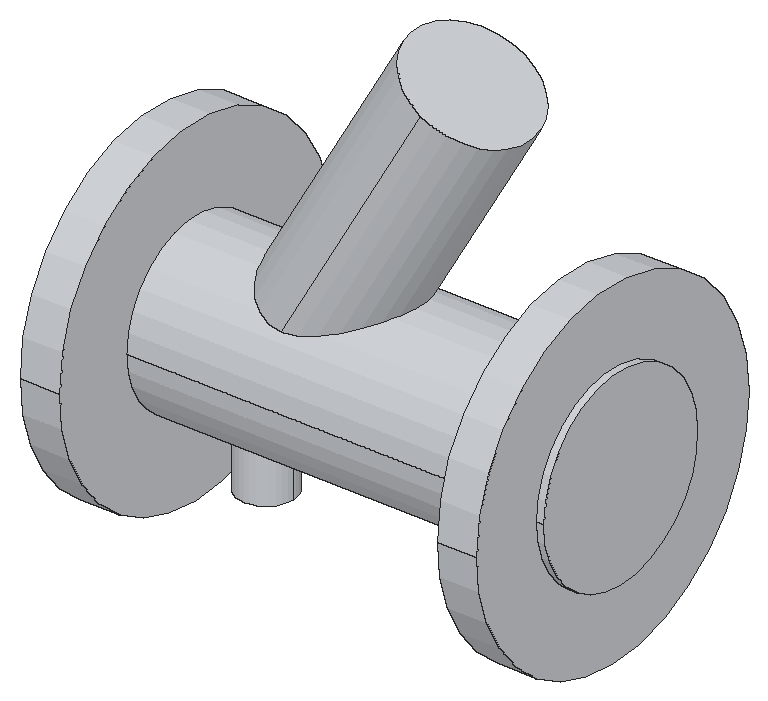
Revit family "HS 821-síto_jemné-PN25-DN025-RFA_2018", category Pipe Accessories, Revit 2018
Family settings
  Round Connector Dimension = Use Diameter
  Part Type = Breaks Into
  Work Plane-Based = No
  Always vertical = Yes
  Cut with Voids When Loaded = No
  Shared = No
Parameters (values of type "821D-DN025-PN25-síto_jemné")
  magiProductId = "b9a7fb4aa36643878c637d8e1ab992"
  magiProductFamilyId = "79214ac3aaa945e397802f559f5c1e"
  magiPartTypeId = 307
  isMeasuringValve [instance] = no
  ang2D [instance] = 0.00°
  ZB__ve = -ZB  # -19.25 mm
  ZB1 = 26.325 mm
  ZB = 19.25 mm
  X2 = 58.601 mm
  X1 = 22.4 mm
  W2D = 15 mm
  VersionID = "2.0/2017.9.26.1/ZETKAMA_821_001"
  Use Minimum Symbol Size [instance] = yes
  URL = "www.hydronic.cz"
  Type Comments = "Filtr přírubový; síto jemné; A-PN16 (-10~300°C); D-PN25 (-10~350°C); F-PN40 (-10~400°C)"
  S = 65 mm
  QmdConnectorList = "301;D;302;D"
  Productdata [instance] = ""
  Manufacturer = "Hydronic Systems Prague s.r.o."
  MC Product Code = "210 225 (821D; DN025; PN25; kvs14,2; oko síta 0,63mm)"
  LM1 = 12.8 mm
  LM = 128 mm
  L4 = 40 mm
  L2D_Min = 3048 mm
  L2D = 130 mm
  L2 = 80 mm
  HH2 = 101.5 mm
  FD = 115 mm
  Description = "Filtr přírubový; síto jemné; 821A-PN16; 821D-PN25; 821F-PN40"
  DM1 = 43.2 mm
  DM = 58.5 mm
  D = 25 mm
  CC = 2.72 mm
  CAT0 = yes
  C1 = 13.28 mm
  C = 16 mm
  BD = 18.427 mm
Types (40, lengths in mm): name | magiProductId | ZB__ve | ZB1 | ZB | X2 | X1 | S | MC Product Code | LM1 | LM | L4 | L2 | HH2 | FD | DM1 | DM | D | CC | C1 | C | BD
  821A-DN015-PN16-síto_jemné | "a71bcfe8b393460598b23e8ddf7dc5" | -16.25 | 18.63 | 16.25 | 46.982 | 18.2 | 46 | "210 115 (821A; DN015; PN16; kvs6,2; oko síta 0,63mm)" | 10.4 | 104 | 32.5 | 65 | 81.375 | 95 | 27.6 | 41.4 | 15 | 2.21 | 10.79 | 13 | 13.041
  821A-DN020-PN16-síto_jemné | "41cd6c7a12924f4991217528336076" | -17.75 | 22.68 | 17.75 | 51.673 | 21 | 56 | "210 120 (821A; DN020; PN16; kvs9,6; oko síta 0,63mm)" | 12 | 120 | 37.5 | 75 | 89.5 | 105 | 33.6 | 50.4 | 20 | 2.55 | 12.45 | 15 | 15.876
  821A-DN025-PN16-síto_jemné | "be378b463ed14c3abf4c9b3ae8cf3a" | -19.25 | 26.325 | 19.25 | 58.601 | 22.4 | 65 | "210 125 (821A; DN025; PN16; kvs14,2; oko síta 0,63mm)" | 12.8 | 128 | 40 | 80 | 101.5 | 115 | 43.2 | 58.5 | 25 | 2.72 | 13.28 | 16 | 18.427
  821A-DN032-PN16-síto_jemné | "227a0d18b21540afabe8b6067d35fa" | -23 | 30.78 | 23 | 68.849 | 25.2 | 76 | "210 132 (821A; DN032; PN16; kvs23,1; oko síta 0,63mm)" | 14.4 | 144 | 45 | 90 | 119.25 | 140 | 50.4 | 68.4 | 32 | 3.06 | 14.94 | 18 | 21.546
  821A-DN040-PN16-síto_jemné | "d106917c74724141a10440112d0102" | -24.5 | 34.02 | 24.5 | 75.777 | 28 | 84 | "210 140 (821A; DN040; PN16; kvs36,6; oko síta 0,63mm)" | 16 | 160 | 50 | 100 | 131.25 | 150 | 60 | 75.6 | 40 | 3.4 | 16.6 | 20 | 23.814
  821A-DN050-PN16-síto_jemné | "8255d456a09e4f6486734f5dd9171b" | -26.75 | 40.095 | 26.75 | 79.061 | 32.2 | 99 | "210 150 (821A; DN050 PN16; kvs53,7; oko síta 0,63mm)" | 18.4 | 184 | 57.5 | 115 | 136.938 | 165 | 73.8 | 89.1 | 50 | 3.91 | 19.09 | 23 | 28.066
  821A-DN065-PN16-síto_jemné | "235b1b3e4c0843779a4d5e3716d40a" | -29.75 | 47.79 | 29.75 | 86.927 | 40.6 | 118 | "210 165 (821A; DN065; PN16; kvs95,1; oko síta 0,63mm)" | 23.2 | 232 | 72.5 | 145 | 150.562 | 185 | 94.2 | 106.2 | 65 | 4.93 | 24.07 | 29 | 33.453
  821A-DN080-PN16-síto_jemné | "a067f7c5236348ed8c820d16df7214" | -32 | 53.46 | 32 | 104.753 | 43.4 | 132 | "210 180 (821A; DN080; PN16; kvs137,1; oko síta 0,63mm)" | 24.8 | 248 | 77.5 | 155 | 181.438 | 200 | 107.4 | 118.8 | 80 | 5.27 | 25.73 | 31 | 37.422
  821A-DN100-PN16-síto_jemné | "c49a648c2747461285837d643703cd" | -35 | 63.18 | 35 | 114.857 | 49 | 156 | "210 190 (821A; DN100; PN16; kvs206,4; oko síta 0,63mm)" | 28 | 280 | 87.5 | 175 | 198.937 | 220 | 131.4 | 140.4 | 100 | 5.95 | 29.05 | 35 | 44.226
  821A-DN125-PN16-síto_jemné | "bf68e728a163493cbd2a663b26ebdc" | -39.5 | 74.52 | 39.5 | 131.888 | 56 | 184 | "210 191 (821A; DN125; PN16; kvs268,8; oko síta 0,63mm)" | 32 | 320 | 100 | 200 | 228.438 | 250 | 165 | 165.6 | 125 | 6.8 | 33.2 | 40 | 52.164
  821A-DN150-PN16-síto_jemné | "2de770284b654863ae6bc865769dc5" | -44.75 | 85.455 | 44.75 | 155.885 | 67.2 | 211 | "210 192 (821A; DN150; PN16; kvs401,4; oko síta 0,63mm)" | 38.4 | 384 | 120 | 240 | 270 | 285 | 192 | 189.9 | 150 | 8.16 | 39.84 | 48 | 59.818
  821A-DN200-PN16-síto_jemné | "8e5693371ab64aabb29a7f08c76e15" | -53 | 107.73 | 53 | 188.361 | 84 | 266 | "210 193 (821A; DN200; PN16; kvs706,7; oko síta 0,63mm)" | 48 | 480 | 150 | 300 | 326.25 | 340 | 252 | 239.4 | 200 | 10.2 | 49.8 | 60 | 75.411
  821A-DN250-PN16-síto_jemné | "05e37ed948c34047acdd4c42556504" | -62.75 | 129.195 | 62.75 | 255.911 | 102.2 | 319 | "210 194 (821A; DN250; PN16; kvs1229,4; oko síta 0,63mm)" | 58.4 | 584 | 182.5 | 365 | 443.25 | 405 | 309.6 | 287.1 | 250 | 12.41 | 60.59 | 73 | 90.436
  821A-DN300-PN16-síto_jemné | "9ad0af747269428da925480d83ce80" | -71 | 149.85 | 71 | 325.914 | 119 | 370 | "210 195 (821A; DN300; PN16; kvs1902,4; oko síta 0,63mm)" | 68 | 680 | 212.5 | 425 | 564.5 | 460 | 369.6 | 333 | 300 | 14.45 | 70.55 | 85 | 104.895
  821A-DN350-PN16-síto_jemné | "eebc71459bb3451bb4355e7951370a" | -80 | 173.745 | 80 | 356.875 | 137.2 | 429 | "200 196 (821A; DN350; PN16; kvs2611,0; oko síta 0,63mm)" | 78.4 | 784 | 245 | 490 | 618.125 | 520 | 438 | 386.1 | 350 | 16.66 | 81.34 | 98 | 121.621
  821A-DN400-PN16-síto_jemné | "d2f677cb196647e385b2590e7d8abe" | -89 | 194.4 | 89 | 392.237 | 154 | 480 | "210 197 (821A; DN400; PN16; kvs3438,4; oko síta 0,63mm)" | 88 | 880 | 275 | 550 | 679.375 | 580 | 498 | 432 | 400 | 18.7 | 91.3 | 110 | 136.08
  821D-DN015-PN25-síto_jemné | "27ddcbf555414f8ca1fde329bf9087" | -16.25 | 18.63 | 16.25 | 46.982 | 18.2 | 46 | "210 215 (821D; DN015; PN25; kvs6,2; oko síta 0,63mm)" | 10.4 | 104 | 32.5 | 65 | 81.375 | 95 | 27.6 | 41.4 | 15 | 2.21 | 10.79 | 13 | 13.041
  821D-DN020-PN25-síto_jemné | "270e0f14012f47189cd0235c18faee" | -17.75 | 22.68 | 17.75 | 51.673 | 21 | 56 | "210 220 (821D; DN020; PN25; kvs9,6; oko síta 0,63mm)" | 12 | 120 | 37.5 | 75 | 89.5 | 105 | 33.6 | 50.4 | 20 | 2.55 | 12.45 | 15 | 15.876
  821D-DN025-PN25-síto_jemné | "b9a7fb4aa36643878c637d8e1ab992" | -19.25 | 26.325 | 19.25 | 58.601 | 22.4 | 65 | "210 225 (821D; DN025; PN25; kvs14,2; oko síta 0,63mm)" | 12.8 | 128 | 40 | 80 | 101.5 | 115 | 43.2 | 58.5 | 25 | 2.72 | 13.28 | 16 | 18.427
  821D-DN032-PN25-síto_jemné | "6be9a55c4e68400f94eec7e804204c" | -23 | 30.78 | 23 | 68.849 | 25.2 | 76 | "210 232 (821D; DN032; PN25; kvs23,1; oko síta 0,63mm)" | 14.4 | 144 | 45 | 90 | 119.25 | 140 | 50.4 | 68.4 | 32 | 3.06 | 14.94 | 18 | 21.546
  821D-DN040-PN25-síto_jemné | "c54511bd7f584ec2984291479612cb" | -24.5 | 34.02 | 24.5 | 75.777 | 28 | 84 | "210 240 (821D; DN040; PN25; kvs36,6; oko síta 0,63mm)" | 16 | 160 | 50 | 100 | 131.25 | 150 | 60 | 75.6 | 40 | 3.4 | 16.6 | 20 | 23.814
  821D-DN050-PN25-síto_jemné | "5483b1f596b04cd39b23a14a22c90e" | -26.75 | 40.095 | 26.75 | 79.061 | 32.2 | 99 | "210 250 (821D; DN050; PN25; kvs53,7; oko síta 0,63mm)" | 18.4 | 184 | 57.5 | 115 | 136.938 | 165 | 73.8 | 89.1 | 50 | 3.91 | 19.09 | 23 | 28.066
  821D-DN065-PN25-síto_jemné | "767b0f8318e94750bc7a9930ed5b30" | -29.75 | 47.79 | 29.75 | 86.927 | 40.6 | 118 | "210 265 (821D; DN065; PN25; kvs95,1; oko síta 0,63mm)" | 23.2 | 232 | 72.5 | 145 | 150.562 | 185 | 94.2 | 106.2 | 65 | 4.93 | 24.07 | 29 | 33.453
  821D-DN080-PN25-síto_jemné | "e21040fa3cc2404b858198f6b73709" | -32 | 53.46 | 32 | 104.753 | 43.4 | 132 | "210 280 (821D; DN080; PN25; kvs137,1; oko síta 0,63mm)" | 24.8 | 248 | 77.5 | 155 | 181.438 | 200 | 107.4 | 118.8 | 80 | 5.27 | 25.73 | 31 | 37.422
  821D-DN100-PN25-síto_jemné | "175ca87a506b40b3bc6b82f12f33cf" | -37.25 | 63.18 | 37.25 | 114.857 | 49 | 156 | "210 290 (821D; DN100; PN25; kvs206,4; oko síta 0,63mm)" | 28 | 280 | 87.5 | 175 | 198.937 | 235 | 131.4 | 140.4 | 100 | 5.95 | 29.05 | 35 | 44.226
  821D-DN125-PN25-síto_jemné | "77cc98d60da24855999a22dff726b2" | -42.5 | 74.52 | 42.5 | 131.888 | 56 | 184 | "210 291 (821D; DN125; PN25; kvs268,8; oko síta 0,63mm)" | 32 | 320 | 100 | 200 | 228.438 | 270 | 165 | 165.6 | 125 | 6.8 | 33.2 | 40 | 52.164
  821D-DN150-PN25-síto_jemné | "9cf8acfcd15547d68e83172d3abcbe" | -47 | 85.455 | 47 | 155.885 | 67.2 | 211 | "210 292 (821D; DN150; PN25; kvs401,4; oko síta 0,63mm)" | 38.4 | 384 | 120 | 240 | 270 | 300 | 192 | 189.9 | 150 | 8.16 | 39.84 | 48 | 59.818
  821D-DN200-PN25-síto_jemné | "16973f3c9ea14389ba8602495a6b64" | -56 | 110.97 | 56 | 188.361 | 84 | 274 | "210 293 (821D; DN200; PN25; kvs706,7; oko síta 0,63mm)" | 48 | 480 | 150 | 300 | 326.25 | 360 | 252 | 246.6 | 200 | 10.2 | 49.8 | 60 | 77.679
  821F-DN015-PN40-síto_jemné | "4c7eaf3c4c0340888b3e684d8a8616" | -16.25 | 18.225 | 16.25 | 46.982 | 18.2 | 45 | "250 615 (821F; DN015; PN40; kvs6,2; oko síta 0,63mm)" | 10.4 | 104 | 32.5 | 65 | 81.375 | 95 | 27.6 | 40.5 | 15 | 2.21 | 10.79 | 13 | 12.757
  821F-DN020-PN40-síto_jemné | "aaac5f1ec96b44d6ba96ac2293d66d" | -17.75 | 23.49 | 17.75 | 51.673 | 21 | 58 | "250 620 (821F; DN020; PN40; kvs9,6; oko síta 0,63mm)" | 12 | 120 | 37.5 | 75 | 89.5 | 105 | 33.6 | 52.2 | 20 | 2.55 | 12.45 | 15 | 16.443
  821F-DN025-PN40-síto_jemné | "504768023968471481789485b54c7e" | -19.25 | 27.54 | 19.25 | 58.601 | 22.4 | 68 | "250 625 (821F; DN025; PN40; kvs14,2; oko síta 0,63mm)" | 12.8 | 128 | 40 | 80 | 101.5 | 115 | 43.2 | 61.2 | 25 | 2.72 | 13.28 | 16 | 19.278
  821F-DN032-PN40-síto_jemné | "165e7f39cf744f329bdf1c400dad12" | -23 | 31.59 | 23 | 68.849 | 25.2 | 78 | "250 632 (821F; DN032; PN40; kvs23,1; oko síta 0,63mm)" | 14.4 | 144 | 45 | 90 | 119.25 | 140 | 50.4 | 70.2 | 32 | 3.06 | 14.94 | 18 | 22.113
  821F-DN040-PN40-síto_jemné | "b8903f952089408fbf3a5a632bab1f" | -24.5 | 35.64 | 24.5 | 75.777 | 28 | 88 | "250 640 (821F; DN040; PN40; kvs36,6; oko síta 0,63mm)" | 16 | 160 | 50 | 100 | 131.25 | 150 | 60 | 79.2 | 40 | 3.4 | 16.6 | 20 | 24.948
  821F-DN050-PN40-síto_jemné | "c451f97266fe48da8f879cb6a2bd44" | -26.75 | 41.31 | 26.75 | 79.061 | 32.2 | 102 | "250 650 (821F; DN050; PN40; kvs53,7; oko síta 0,63mm)" | 18.4 | 184 | 57.5 | 115 | 136.938 | 165 | 73.8 | 91.8 | 50 | 3.91 | 19.09 | 23 | 28.917
  821F-DN065-PN40-síto_jemné | "dc9821e3f9b34e128f6a8c6b34c198" | -29.75 | 49.41 | 29.75 | 86.927 | 40.6 | 122 | "250 665 (821F; DN065; PN40; kvs95,1; oko síta 0,63mm)" | 23.2 | 232 | 72.5 | 145 | 150.562 | 185 | 94.2 | 109.8 | 65 | 4.93 | 24.07 | 29 | 34.587
  821F-DN080-PN40-síto_jemné | "689aa1e260f84cf4994f027a1d86b5" | -32 | 55.89 | 32 | 104.753 | 43.4 | 138 | "250 680 (821F; DN080; PN40; kvs137,1; oko síta 0,63mm)" | 24.8 | 248 | 77.5 | 155 | 181.438 | 200 | 107.4 | 124.2 | 80 | 5.27 | 25.73 | 31 | 39.123
  821F-DN100-PN40-síto_jemné | "8a45d4e8e2ab425f8c432f21d684f3" | -37.25 | 65.61 | 37.25 | 114.857 | 49 | 162 | "250 690 (821F; DN100; PN40; kvs206,4; oko síta 0,63mm)" | 28 | 280 | 87.5 | 175 | 198.937 | 235 | 131.4 | 145.8 | 100 | 5.95 | 29.05 | 35 | 45.927
  821F-DN125-PN40-síto_jemné | "cf073904c006406b8645afa67ea2fc" | -42.5 | 76.14 | 42.5 | 131.888 | 56 | 188 | "250 691 (821F; DN125; PN40; kvs268,8; oko síta 0,63mm)" | 32 | 320 | 100 | 200 | 228.438 | 270 | 165 | 169.2 | 125 | 6.8 | 33.2 | 40 | 53.298
  821F-DN150-PN40-síto_jemné | "0153b9ddabe14992a630484929fdbc" | -47 | 88.29 | 47 | 155.885 | 67.2 | 218 | "250 692 (821F; DN150; PN40; kvs401,4; oko síta 0,63mm)" | 38.4 | 384 | 120 | 240 | 270 | 300 | 192 | 196.2 | 150 | 8.16 | 39.84 | 48 | 61.803
  821F-DN200-PN40-síto_jemné | "7fb3fc01dd8d42428c203e3f8dd4d5" | -56 | 115.425 | 56 | 188.361 | 84 | 285 | "250 693 (821F; DN200; PN40; kvs706,7; oko síta 0,63mm)" | 48 | 480 | 150 | 300 | 326.25 | 360 | 252 | 256.5 | 200 | 10.2 | 49.8 | 60 | 80.797
Reference planes
  plane 1 "Center (Front/Back)": y = 0
  plane 2 "XYPLANE": z = 0
  plane 3 "Center (Left/Right)": x = 0
  plane 4 "109": x = -51.2
  plane 5 "108": x = 64
  plane 6 "107": x = -64
  plane 7 "105": x = 80
  plane 8 "104": x = -80
  plane 9 "103": y = 0
  plane 10 "102": z = 0
  plane 11 "101": x = -77.28
  plane 12 "100": x = 77.28
  plane 13 "11": x = -28.8
  plane 14 "10": z = 101.5
  plane 15 "9": x = 29.801
  plane 16 "5": z = -26.325
  plane 17 "4": x = -40
  plane 18 "1": x = 40
Forms (mm)
  Extrusion 1, solid, visible <- "CAT0"
    sketch origin (-64, -750, 0) x (0, 1, 0) y (0, 0, 1)
      loop
        circle (750, 0) r 29.25
    from 0 to 128 <- "LM"
  Extrusion 2, solid
    sketch origin (-80, -750, 0) x (0, 1, 0) y (0, 0, 1)
      loop
        circle (750, 0) r 32.5
    from 0 to 2.72 <- "CC"
  Extrusion 3, solid
    sketch origin (-77.28, -750, 0) x (0, 1, 0) y (0, 0, 1)
      loop
        circle (750, 0) r 57.5
    from 0 to 13.28 <- "C1"
  Extrusion 4, solid
    sketch origin (64, -750, 0) x (0, 1, 0) y (0, 0, 1)
      loop
        circle (750, 0) r 57.5
    from 0 to 13.28 <- "C1"
  Extrusion 5, solid
    sketch origin (77.28, -750, 0) x (0, 1, 0) y (0, 0, 1)
      loop
        circle (750, 0) r 32.5
    from 0 to 2.72 <- "CC"
  Sweep 6, solid, visible <- "CAT0"
    path origin (750, 0, 0) x (-1, 0, 0) y (0, 0, 1)
      loop
        line (814, 0) -> (778.8, 0) -> (720.199, 101.5)
    profile origin (-64, 0, 0) x (0, 0, -1) y (0, 1, 0)
      loop
        circle (0, 0) r 21.6
  Extrusion 7, solid, visible <- "CAT0"
    sketch origin (-750, 0, -26.325) x (1, 0, 0) y (0, 1, 0)
      loop
        circle (710, 0) r 9.214
    from 0 to -19.25 <- "ZB__ve"
  Extrusion 8, solid, visible <- "CAT0"
    sketch origin (-750, 0, -26.325) x (1, 0, 0) y (0, 1, 0)
      loop
        circle (790, 0) r 9.214
    from 0 to -19.25 <- "ZB__ve"
  Extrusion 9, solid, not visible
    sketch origin (80, -750, 0) x (0, 1, 0) y (0, 0, 1)
      loop
        circle (750, 0) r 10
    from 0 to -10
  Extrusion 10, solid, not visible
    sketch origin (-80, -750, 0) x (0, 1, 0) y (0, 0, 1)
      loop
        circle (750, 0) r 10
    from 0 to 10
Lines and regions (mm)
  reference lines, not visible
    curve 1: circle (2, 2, 0) r 1 normal (0, 0, 1)
Dimensions and locks
  plane 1 "Center (Front/Back)" to curve 1 = 2 mm
  "LM1": plane 6 "107" to plane 4 "109"
  "LM": plane 6 "107" to plane 5 "108"
  "C": plane 8 "104" to plane 6 "107"
  "L2": plane 3 "Center (Left/Right)" to plane 7 "105"
  "L2": plane 3 "Center (Left/Right)" to plane 8 "104"
  locked: plane 1 "Center (Front/Back)" to plane 9 "103"
  locked: plane 2 "XYPLANE" to plane 10 "102"
  "CC": plane 8 "104" to plane 11 "101"
  "C1": plane 5 "108" to plane 12 "100"
  "X1": plane 4 "109" to plane 13 "11"
  "HH2": plane 2 "XYPLANE" to plane 14 "10"
  "X2": plane 13 "11" to plane 15 "9"
  "ZB1": plane 2 "XYPLANE" to plane 16 "5"
  "L4": plane 8 "104" to plane 17 "4"
  "L2": plane 17 "4" to plane 18 "1"
  Sweep 6 sketch curve to Sweep 6 sketch curve = 0 mm  (x2)
  "DM": diameter of Extrusion 1 sketch curve
  "S": diameter of Extrusion 2 sketch curve
  "FD": diameter of Extrusion 3 sketch curve
  "FD": diameter of Extrusion 4 sketch curve
  "S": diameter of Extrusion 5 sketch curve
  "DM1": diameter of Sweep 6 sketch curve
  "BD": diameter of Extrusion 7 sketch curve
  "BD": diameter of Extrusion 8 sketch curve
  aligned and locked: level to plane 2 "XYPLANE"
  aligned and locked: Extrusion 1 sketch curve to plane 9 "103"
  aligned and locked: plane 10 "102" to Extrusion 1 sketch curve
  aligned and locked: Extrusion 2 sketch curve to plane 9 "103"
  aligned and locked: plane 10 "102" to Extrusion 2 sketch curve
  aligned and locked: Extrusion 3 sketch curve to plane 9 "103"
  aligned and locked: plane 10 "102" to Extrusion 3 sketch curve
  aligned and locked: Extrusion 4 sketch curve to plane 9 "103"
  aligned and locked: plane 10 "102" to Extrusion 4 sketch curve
  aligned and locked: Extrusion 5 sketch curve to plane 9 "103"
  aligned and locked: plane 10 "102" to Extrusion 5 sketch curve
  aligned and locked: Sweep 6 sketch curve to plane 9 "103"
  aligned and locked: plane 10 "102" to Sweep 6 sketch curve  (x3)
  aligned and locked: plane 6 "107" to Sweep 6 sketch curve
  aligned and locked: plane 13 "11" to Sweep 6 sketch curve
  aligned and locked: plane 14 "10" to Sweep 6 sketch curve
  aligned and locked: plane 15 "9" to Sweep 6 sketch curve
  aligned and locked: plane 9 "103" to Extrusion 7 sketch curve
  aligned and locked: plane 17 "4" to Extrusion 7 sketch curve
  aligned and locked: plane 9 "103" to Extrusion 8 sketch curve
  aligned and locked: plane 18 "1" to Extrusion 8 sketch curve
  aligned and locked: Extrusion 9 sketch curve to plane 9 "103"
  aligned and locked: plane 10 "102" to Extrusion 9 sketch curve
  aligned and locked: Extrusion 10 sketch curve to plane 9 "103"
  aligned and locked: plane 10 "102" to Extrusion 10 sketch curve
Automatic sketch dimensions
  plane 1 "Center (Front/Back)" to Extrusion 9 sketch curve = 10 mm
  plane 1 "Center (Front/Back)" to Extrusion 10 sketch curve = 10 mm
  plane 3 "Center (Left/Right)" to curve 1 = 2 mm
  radius of curve 1 = 1 mm
Connectors
  piping at (-80, 0, 0), diameter 25, driven by "D"
    settings: on Extrusion 10, index 1, connector inside diameter 609.6 mm, connector length 0 mm, flow factor 0, pipe flow 0.0 L/s, pressure drop 0.0 Pa, fitting loss kfactor 0, connector angle 0.00°, fixture units 0, engagement length 0 mm, angle of deflection 0.00°, flow configuration 0, flow direction 0, fitting loss method 0, system type 29, joint type 0, gender type 0, connector reference index 2, connector utility 0, adjustable connector no, is connector primary yes, connector description ""
  piping at (80, 0, 0), diameter 25, driven by "D"
    settings: on Extrusion 9, index 2, connector inside diameter 609.6 mm, connector length 0 mm, flow factor 0, pipe flow 0.0 L/s, pressure drop 0.0 Pa, fitting loss kfactor 0, connector angle 0.00°, fixture units 0, engagement length 0 mm, angle of deflection 0.00°, flow configuration 0, flow direction 0, fitting loss method 0, system type 29, joint type 0, gender type 0, connector reference index 1, connector utility 0, adjustable connector no, is connector primary no, connector description ""
